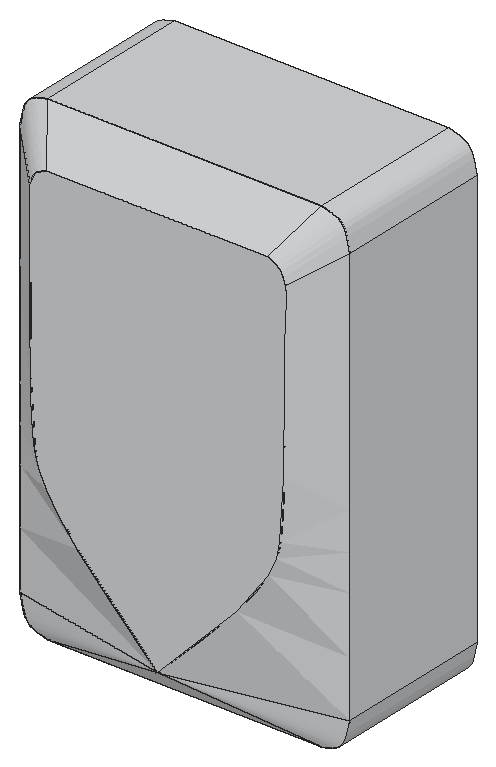
Revit family "Compact Hand Dryer 700W - Stainless Steel _IN", category Generic Models, Revit 2017
Family settings
  Can host rebar = No
  Round Connector Dimension = Use Diameter
  Part Type = Normal
  Work Plane-Based = No
  Always vertical = Yes
  Cut with Voids When Loaded = No
  Shared = No
  Room Calculation Point = No
Parameters
  Website = "https://dolphy.in/"  # constant formula
  Model = "DAHD0061"  # constant formula
  Contact number = "+91 9520202035"  # constant formula
  Contact email = "info@dolphy.in"  # constant formula
  Company name = "Dolphy India"  # constant formula
Reference planes
  plane 1 "Center (Front/Back)": y = 0
  plane 2: z = 0
  plane 3 "Center (Left/Right)": x = 0
Forms (mm)
  Extrusion 1, solid, material "STAINLESS STEEL"
    sketch origin (0, 0, 11) x (1, 0, 0) y (0, 0, 1)
      loop
        line (-87, 227.384) -> (-87, 6.616)
        spline (-87, 6.616) -> (-86.288, 2.813) -> (-85.659, -0.064) -> (-85.083, -2.186) -> (-84.531, -3.728) -> (-83.974, -4.859) -> (-83.389, -5.724) -> (-82.752, -6.451) -> (-82.042, -7.168) -> (-81.097, -7.967) -> (-79.464, -8.866) -> (-76.654, -9.874) -> (-72.18, -11)
        line (-72.18, -11) -> (72.18, -11)
        spline (72.18, -11) -> (76.654, -9.874) -> (79.464, -8.866) -> (81.097, -7.967) -> (82.042, -7.168) -> (82.752, -6.451) -> (83.389, -5.724) -> (83.974, -4.859) -> (84.531, -3.728) -> (85.083, -2.186) -> (85.659, -0.064) -> (86.288, 2.813) -> (87, 6.616)
        line (87, 6.616) -> (87, 227.384)
        spline (87, 227.384) -> (86.288, 231.187) -> (85.659, 234.064) -> (85.083, 236.186) -> (84.531, 237.728) -> (83.974, 238.859) -> (83.389, 239.724) -> (82.752, 240.451) -> (82.042, 241.168) -> (81.097, 241.967) -> (79.464, 242.866) -> (76.654, 243.874) -> (72.18, 245)
        line (72.18, 245) -> (-72.18, 245)
        spline (-72.18, 245) -> (-76.654, 243.874) -> (-79.464, 242.866) -> (-81.097, 241.967) -> (-82.042, 241.168) -> (-82.752, 240.451) -> (-83.389, 239.724) -> (-83.974, 238.859) -> (-84.531, 237.728) -> (-85.083, 236.186) -> (-85.659, 234.064) -> (-86.288, 231.187) -> (-87, 227.384)
    from 0 to 83.86
  Blend 2, solid, material "STAINLESS STEEL"
    base sketch origin (0, 0, 11) x (1, 0, 0) y (0, 0, 1)
      loop
        line (-87, 227.384) -> (-87, 6.616)
        spline (-87, 6.616) -> (-86.288, 2.813) -> (-85.659, -0.064) -> (-85.083, -2.186) -> (-84.531, -3.728) -> (-83.974, -4.859) -> (-83.389, -5.724) -> (-82.752, -6.451) -> (-82.042, -7.168) -> (-81.097, -7.967) -> (-79.464, -8.866) -> (-76.654, -9.874) -> (-72.18, -11)
        line (-72.18, -11) -> (72.18, -11)
        spline (72.18, -11) -> (76.654, -9.874) -> (79.464, -8.866) -> (81.097, -7.967) -> (82.042, -7.168) -> (82.752, -6.451) -> (83.389, -5.724) -> (83.974, -4.859) -> (84.531, -3.728) -> (85.083, -2.186) -> (85.659, -0.064) -> (86.288, 2.813) -> (87, 6.616)
        line (87, 6.616) -> (87, 227.384)
        spline (87, 227.384) -> (86.288, 231.187) -> (85.659, 234.064) -> (85.083, 236.186) -> (84.531, 237.728) -> (83.974, 238.859) -> (83.389, 239.724) -> (82.752, 240.451) -> (82.042, 241.168) -> (81.097, 241.967) -> (79.464, 242.866) -> (76.654, 243.874) -> (72.18, 245)
        line (72.18, 245) -> (-72.18, 245)
        spline (-72.18, 245) -> (-76.654, 243.874) -> (-79.464, 242.866) -> (-81.097, 241.967) -> (-82.042, 241.168) -> (-82.752, 240.451) -> (-83.389, 239.724) -> (-83.974, 238.859) -> (-84.531, 237.728) -> (-85.083, 236.186) -> (-85.659, 234.064) -> (-86.288, 231.187) -> (-87, 227.384)
    top sketch origin (0, 0, 11) x (1, 0, 0) y (0, 0, 1)
      loop
        spline (-67.612, 213.356) -> (-67.55, 183.886) -> (-67.379, 155.897) -> (-67.119, 131.874) -> (-66.785, 114.184) -> (-66.316, 102.695) -> (-65.576, 94.855) -> (-64.411, 88.029) -> (-62.103, 80.227) -> (-57.175, 70.327) -> (-47.463, 56.664) -> (-29.58, 36.414) -> (0, 6.616)
        spline (0, 6.616) -> (29.58, 36.414) -> (47.463, 56.664) -> (57.175, 70.327) -> (62.103, 80.227) -> (64.411, 88.029) -> (65.576, 94.855) -> (66.316, 102.695) -> (66.785, 114.184) -> (67.119, 131.874) -> (67.379, 155.897) -> (67.55, 183.886) -> (67.612, 213.356)
        spline (67.612, 213.356) -> (67.256, 215.082) -> (66.836, 216.588) -> (66.348, 217.892) -> (65.787, 219.016) -> (65.149, 219.981) -> (64.429, 220.806) -> (63.624, 221.511) -> (62.729, 222.118) -> (61.739, 222.647) -> (60.651, 223.117) -> (59.459, 223.55) -> (58.161, 223.966)
        line (58.161, 223.966) -> (-58.161, 223.966)
        spline (-58.161, 223.966) -> (-59.459, 223.55) -> (-60.651, 223.117) -> (-61.739, 222.647) -> (-62.729, 222.118) -> (-63.624, 221.511) -> (-64.429, 220.806) -> (-65.149, 219.981) -> (-65.787, 219.016) -> (-66.348, 217.892) -> (-66.836, 216.588) -> (-67.256, 215.082) -> (-67.612, 213.356)
    from 83.86 to 102
Dimensions and locks
  aligned and locked: level to plane 2
